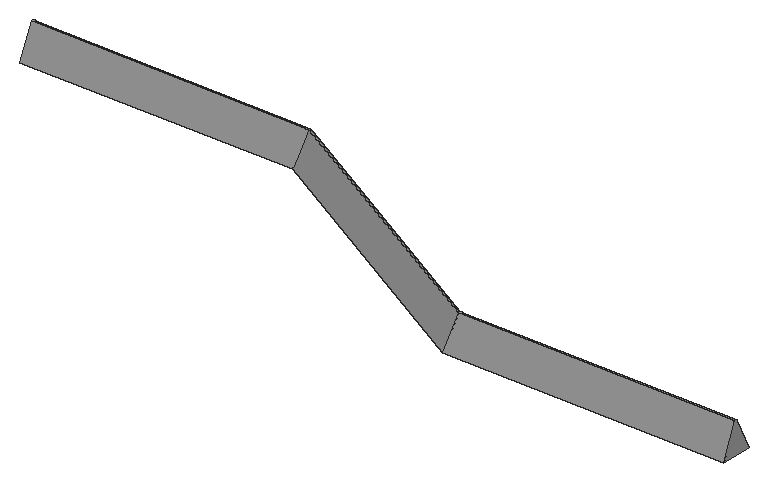
Revit family "Armeret_BetonZig-Zag_30mm_p_i_t_1131095", category Generic Models, Revit 2019
Family settings
  Can host rebar = No
  Round Connector Dimension = Use Diameter
  Part Type = Normal
  Work Plane-Based = Yes
  Always vertical = No
  Cut with Voids When Loaded = No
  Shared = No
  Room Calculation Point = No
Parameters (values of type "30 mm")
  concrete = Concrete
  Website Link = "https://haucon.dk/produkt/armeret-beton-zig-zag/#variations"
  Total Length = 800 mm
  Technical Data Sheet = "https://haucon.dk/wp-content/uploads/2016/04/1131090-Beton-zig-zag-TDS-DK.pdf"
  Default Elevation = 1219.2 mm
  Armerment width = 30 mm
  Armerment Height = Armerment width  # 30 mm
Types (13, lengths in mm): name | Armerment width | Armerment Height
  35 mm | 35 | 35
  55 mm | 55 | 55
  40 mm | 40 | 40
  45 mm | 45 | 45
  50 mm | 50 | 50
  60 mm | 60 | 60
  25 mm | 25 | 25
  30 mm | 30 | 30
  70 mm | 70 | 70
  75 mm | 75 | 75
  80 mm | 80 | 80
  90 mm | 90 | 90
  100 mm | 100 | 100
Reference planes
  plane 1 "Center (Front/Back)": y = 0
  plane 2: z = 0
  plane 3 "Center (Left/Right)": x = 0
  plane 4: y = 15
  plane 5: y = -15
  plane 6: z = 30
  plane 7: x = 266.667
  plane 8: x = 533.333
  plane 9: x = 800
Forms (mm)
  Sweep 1, solid, material "Concrete" <- "concrete"
    path origin (135, 0, 0) x (1, 0, 0) y (0, 1, 0)
      loop
        line (-135, 0) -> (132.554, 0) -> (397.446, -149.776) -> (665, -149.776)
    profile origin (133.777, 0, 0) x (0, 1, 0) y (0, 0, 1)
      loop
        line (15, 0) -> (0.856, 29.544)
        arc (0.856, 29.544) -> (0, 29.98) -> (-0.856, 29.544) r 1.059
        line (-0.856, 29.544) -> (-15, 0) -> (15, 0)
Dimensions and locks
  equal spacing: plane 4, plane 1 "Center (Front/Back)", plane 5
  "Armerment width": plane 4 to plane 5
  "Armerment Height": level to plane 6
  "Total Length": plane 3 "Center (Left/Right)" to plane 9
  equal spacing: plane 3 "Center (Left/Right)", plane 7, plane 8, plane 9
  aligned and locked: level to plane 2
  aligned and locked: level to Sweep 1 sketch curve
  aligned and locked: plane 3 "Center (Left/Right)" to Sweep 1
  aligned and locked: plane 9 to Sweep 1 sketch curve
Automatic sketch dimensions
  plane 1 "Center (Front/Back)" to Sweep 1 sketch curve = 0 mm
  Sweep 1 sketch curve to plane 3 "Center (Left/Right)" = 0 mm
  Sweep 1 sketch curve to plane 7 = 0.887 mm
  plane 8 to Sweep 1 sketch curve = 0.887 mm
  plane 1 "Center (Front/Back)" to Sweep 1 sketch curve = 149.776 mm
  Sweep 1 sketch curve to plane 5 = 0 mm
  Sweep 1 sketch curve to profile plane = 0 mm
  Sweep 1 sketch curve to plane 4 = 0 mm
  plane 6 to Sweep 1 sketch curve = 0.456 mm  (x2)
  profile plane to Sweep 1 sketch curve = 0.856 mm
  Sweep 1 sketch curve to Sweep 1 sketch curve = 0.623 mm
